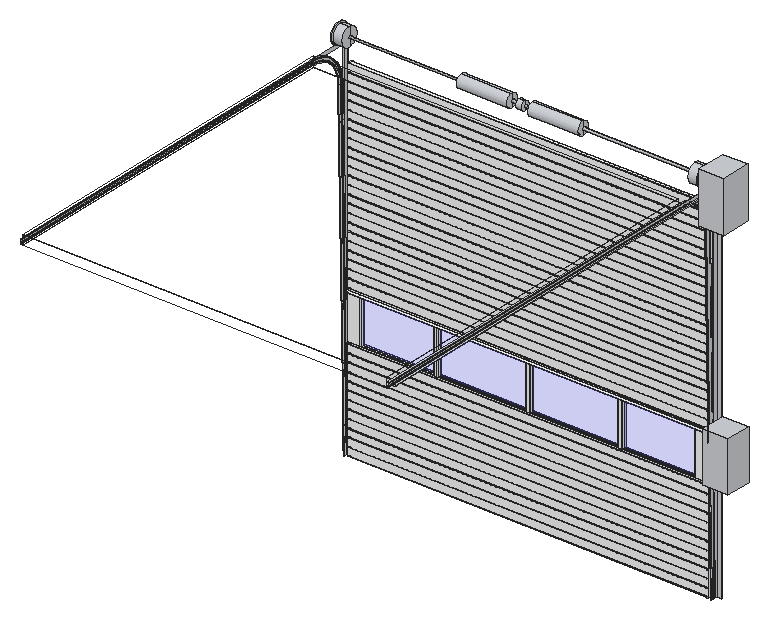
Revit family "EX3718 Complete Door - DraftA", category Doors, host Wall, Revit 2022 (continued)
Definition of nested family "Full Vision Section"
  Definition of nested family "902 Int Stile Array"
    Forms (in)
      Extrusion 3, solid, material <- "Frame Material"
        sketch origin (-88, 0, 0) x (1, 0, 0) y (0, 1, 0)
          loop
            line (-0.65625, 0) -> (-0.65625, -0.125) -> (-0.78125, -0.125) -> (-1.15625, -0.5) -> (-1.15625, -0.63751) -> (-0.65625, -0.63751) -> (-0.65625, -0.88751) -> (-1.15625, -0.88751) -> (-1.15625, -1.88751) -> (-0.65625, -1.88751) -> (-0.65625, -2.125) -> (0.65625, -2.125) -> (0.65625, -1.88751) -> (1.15625, -1.88751) -> (1.15625, -0.88751) -> (0.65625, -0.88751) -> (0.65625, -0.63751) -> (1.15625, -0.63751) -> (1.15625, -0.5) -> (0.78125, -0.125) -> (0.65625, -0.125) -> (0.65625, 0) -> (-0.65625, 0)
        from 0 to 22.3125 <- "Stile Height"
      Extrusion 4, solid, material <- "Frame Material"
        sketch origin (-132, 0, 0) x (1, 0, 0) y (0, 1, 0)
          loop
            line (-0.65625, 0) -> (-0.65625, -0.125) -> (-0.78125, -0.125) -> (-1.15625, -0.5) -> (-1.15625, -0.63751) -> (-0.65625, -0.63751) -> (-0.65625, -0.88751) -> (-1.15625, -0.88751) -> (-1.15625, -1.88751) -> (-0.65625, -1.88751) -> (-0.65625, -2.125) -> (0.65625, -2.125) -> (0.65625, -1.88751) -> (1.15625, -1.88751) -> (1.15625, -0.88751) -> (0.65625, -0.88751) -> (0.65625, -0.63751) -> (1.15625, -0.63751) -> (1.15625, -0.5) -> (0.78125, -0.125) -> (0.65625, -0.125) -> (0.65625, 0) -> (-0.65625, 0)
        from 0 to 22.3125 <- "Stile Height"
    Dimensions and locks (in)
      "Stile Height": level to plane 4
      locked: Extrusion 1 sketch curve to Extrusion 1 sketch curve at 1.3125
      locked: Extrusion 1 sketch curve to Extrusion 1 sketch curve at 0.5  (x2)
      locked: Extrusion 1 sketch curve to Extrusion 1 sketch curve at 2.125
      locked: Extrusion 1 sketch curve to Extrusion 1 sketch curve at 0.25
      locked: Extrusion 1 sketch curve to Extrusion 1 sketch curve at 1
      locked: Extrusion 1 sketch curve to Extrusion 1 sketch curve at 0.375  (x4)
      locked: Extrusion 1 sketch curve to Extrusion 1 sketch curve at 0.125  (x3)
      locked: Extrusion 2 sketch curve to Extrusion 2 sketch curve at 1.3125
      locked: Extrusion 2 sketch curve to Extrusion 2 sketch curve at 0.5  (x2)
      locked: Extrusion 2 sketch curve to Extrusion 2 sketch curve at 2.125
      locked: Extrusion 2 sketch curve to Extrusion 2 sketch curve at 0.25
      locked: Extrusion 2 sketch curve to Extrusion 2 sketch curve at 1
      locked: Extrusion 2 sketch curve to Extrusion 2 sketch curve at 0.375  (x4)
      locked: Extrusion 2 sketch curve to Extrusion 2 sketch curve at 0.125  (x3)
      equal spacing: group 4, group 3, group 2, group 1
      equal spacing: group 1, group 2, group 3, group 4  (x2)
      "IntStileCtrCtr": plane 5 to plane 6
      locked: Extrusion 3 sketch curve to Extrusion 3 sketch curve at 1.3125
      locked: Extrusion 3 sketch curve to Extrusion 3 sketch curve at 0.5  (x2)
      locked: Extrusion 3 sketch curve to Extrusion 3 sketch curve at 2.125
      locked: Extrusion 3 sketch curve to Extrusion 3 sketch curve at 0.25
      locked: Extrusion 3 sketch curve to Extrusion 3 sketch curve at 1
      locked: Extrusion 3 sketch curve to Extrusion 3 sketch curve at 0.375  (x4)
      locked: Extrusion 3 sketch curve to Extrusion 3 sketch curve at 0.125  (x3)
      locked: Extrusion 4 sketch curve to Extrusion 4 sketch curve at 1.3125
      locked: Extrusion 4 sketch curve to Extrusion 4 sketch curve at 0.5  (x2)
      locked: Extrusion 4 sketch curve to Extrusion 4 sketch curve at 2.125
      locked: Extrusion 4 sketch curve to Extrusion 4 sketch curve at 0.25
      locked: Extrusion 4 sketch curve to Extrusion 4 sketch curve at 1
      locked: Extrusion 4 sketch curve to Extrusion 4 sketch curve at 0.375  (x4)
      locked: Extrusion 4 sketch curve to Extrusion 4 sketch curve at 0.125  (x3)
      aligned and locked: plane 2 to level
      aligned and locked: Extrusion 1 sketch curve to Extrusion 1 sketch curve  (x8)
      aligned and locked: Extrusion 2 sketch curve to Extrusion 2 sketch curve  (x8)
      aligned and locked: plane 5 to Extrusion 1
      aligned and locked: plane 6 to Extrusion 2
      aligned and locked: Extrusion 3 sketch curve to Extrusion 3 sketch curve  (x8)
      aligned and locked: Extrusion 4 sketch curve to Extrusion 4 sketch curve  (x8)
    Automatic sketch dimensions
      Extrusion 1 sketch curve to Extrusion 1 sketch curve = 0' - 0.23749"
      Extrusion 2 sketch curve to Extrusion 2 sketch curve = 0' - 0.23749"
      Extrusion 3 sketch curve to Extrusion 3 sketch curve = 0' - 0.23749"
      Extrusion 4 sketch curve to Extrusion 4 sketch curve = 0' - 0.23749"
Definition of nested family "Track - Standard Lift"
  Parameters (values of type "15" Radius")
    WallToRadiusCenter = Door Thickness + 0' 1" + Vertical Track Length * 0' 0 1/4" / 1' 0" + Track Radius  # 1' - 9.33333"
    VerticalAngleLength = Door Height + 0' 10"  # 14' - 10"
    Vertical Track Length = Door Height - 0' 8"  # 13' - 4"
    TrackToTrack = CenterToLHTrack * 2  # 14' - 6"
    Roof Pitch = 0
    Operator - Trolley = no
    Operator - Jack Shaft Right = no
    Operator - Jack Shaft Left = yes
    HorizontalAngleLength = -(Horizontal Track Length + Track Radius + Vertical Track Length * 0.25 / 12 + 0' 2" - 0' 1" * Roof Pitch)  # -16' - 2.33333"
    Horizontal Track Length = Door Height + 1' 9" - Track Radius  # 14' - 6"
    FloorToTrolleyRail = FloorToShaftCL + 0' 6" - 0' 0 77/256" * Roof Pitch  # 15' - 8"
    FloorToShaftCL = Door Height + Track Radius - 0' 1"  # 15' - 2"
    FloorToJackShaft = Door Height + 1' 10"  # 15' - 10"
    Double Torsion Shaft = no
    Door Width = 14' - 4"
    Door Thickness = 0' - 2"
    Door Height = 14' - 0"
    Default Elevation = 0' - 0"
    Control Box Right = no
    Control Box Left = yes
    CenterToLHTrack = Door Width / 2 + 0' 1" + Roof Pitch * 0' 0"  # 7' - 3"
    Track Radius = if([12" Radius Track], 1' 0", 1' 3")  # 1' - 3"
    HorizontalTrackAngle = 90.00°
    CenterToRHTrack = -CenterToLHTrack  # -7' - 3"
    CenterToJackShaft = Door Width / 2 + 0' 5"  # 7' - 7"
    15" Radius Track = yes
    12" Radius Track = not([15" Radius Track])  # no
  Types (2): name | WallToRadiusCenter | Horizontal Track Length | FloorToTrolleyRail | FloorToShaftCL | Control Box Right | Control Box Left | Track Radius | 15" Radius Track | 12" Radius Track
    15" Radius | 1' - 9.33333" | 14' - 6" | 15' - 8" | 15' - 2" | no | yes | 1' - 3" | yes | no
    12" Radius | 1' - 6.33333" | 14' - 9" | 15' - 5" | 14' - 11" | yes | no | 1' - 0" | no | yes
  Reference planes (in)
    plane 1: y = 0
    plane 2 "Center (Left/Right)": x = 0
    plane 3 "Wall Edge": y = 3
    plane 4: y = 24.33333
    plane 5: z = 160
    plane 6: x = 87
    plane 7: x = -87
  Forms (in)
    Sweep 1, solid
      path in 3D
        loop
          line (0, 198.33333, 175) -> (0, 24.33333, 175)
          arc (0, 24.33333, 175) -> (0, 13.83778, 170.71649) -> (0, 9.33659, 160.31243) r 15
          line (0, 9.33659, 160.31243) -> (0, 5.99672, 0)
      profile "Track Profile : Track Profile" origin (0, 7.66665, 80.15622) x (0, 0.999783, -0.020829) y (1, 0, 0)
        loop
          line (-2.03223, 87) -> (-1.97364, 87) -> (-1.97364, 87.826)
          arc (-1.97364, 87.826) -> (-1.9457, 87.89346) -> (-1.87823, 87.92141) r 0.09541
          line (-1.87823, 87.92141) -> (-0.65812, 87.92141)
          arc (-0.65812, 87.92141) -> (-0.63212, 87.9187) -> (-0.60723, 87.91071) r 0.12641
          line (-0.60723, 87.91071) -> (-0.20802, 87.73513)
          arc (-0.20802, 87.73513) -> (-0.05845, 87.52266) -> (-0.17676, 87.29133) r 0.25141
          line (-0.17676, 87.29133) -> (-0.46311, 87.1138) -> (-0.43223, 87.064) -> (-0.14589, 87.24153)
          arc (-0.14589, 87.24153) -> (0, 87.52678) -> (-0.18443, 87.78877) r 0.31
          line (-0.18443, 87.78877) -> (-0.58364, 87.96434)
          arc (-0.58364, 87.96434) -> (-0.62007, 87.97604) -> (-0.65812, 87.98) r 0.185
          line (-0.65812, 87.98) -> (-1.87823, 87.98)
          arc (-1.87823, 87.98) -> (-1.98713, 87.93489) -> (-2.03223, 87.826) r 0.154
          line (-2.03223, 87.826) -> (-2.03223, 87)
    Sweep 2, solid
      path in 3D
        loop
          line (0, 198.33333, 175) -> (0, 24.33333, 175)
          arc (0, 24.33333, 175) -> (0, 13.83778, 170.71649) -> (0, 9.33659, 160.31243) r 15
          line (0, 9.33659, 160.31243) -> (0, 5.99672, 0)
      profile "Track Profile : Track Profile" origin (0, 7.66665, 80.15622) x (0, 0.999783, -0.020829) y (1, 0, 0)
        loop
          line (-2.03223, -87) -> (-2.03223, -87.826)
          arc (-2.03223, -87.826) -> (-1.98713, -87.93489) -> (-1.87823, -87.98) r 0.154
          line (-1.87823, -87.98) -> (-0.65812, -87.98)
          arc (-0.65812, -87.98) -> (-0.62007, -87.97604) -> (-0.58364, -87.96434) r 0.185
          line (-0.58364, -87.96434) -> (-0.18443, -87.78877)
          arc (-0.18443, -87.78877) -> (0, -87.52678) -> (-0.14589, -87.24153) r 0.31
          line (-0.14589, -87.24153) -> (-0.43223, -87.064) -> (-0.46311, -87.1138) -> (-0.17676, -87.29133)
          arc (-0.17676, -87.29133) -> (-0.05845, -87.52266) -> (-0.20802, -87.73513) r 0.25141
          line (-0.20802, -87.73513) -> (-0.60723, -87.91071)
          arc (-0.60723, -87.91071) -> (-0.63212, -87.9187) -> (-0.65812, -87.92141) r 0.12641
          line (-0.65812, -87.92141) -> (-1.87823, -87.92141)
          arc (-1.87823, -87.92141) -> (-1.9457, -87.89346) -> (-1.97364, -87.826) r 0.09541
          line (-1.97364, -87.826) -> (-1.97364, -87) -> (-2.03223, -87)
    Extrusion 3, solid
      sketch origin (87, 9, 148.94743) x (0, 0, 1) y (0, 1, 0)
        loop
          line (25.05257, 189.33333) -> (25.05257, 15.33333) -> (30.05257, 15.33333) -> (30.05257, 189.33333) -> (25.05257, 189.33333)
      from 0 to 174 <- "TrackToTrack"
    Extrusion 4, solid
      sketch origin (0, 198.33333, 175) x (0, 0, 1) y (1, 0, 0)
        loop
          line (1.87823, 87.98) -> (1.87823, 88.06107) -> (0.47823, 88.06107) -> (0.47823, 89.48) -> (0.37823, 89.48) -> (0.37823, 87.98) -> (1.87823, 87.98)
      from -2 to -194.33333 <- "HorizontalAngleLength"
    Extrusion 5, solid
      sketch origin (0, 198.33333, 175) x (0, 0, 1) y (1, 0, 0)
        loop
          line (1.87823, -87.98) -> (0.37823, -87.98) -> (0.37823, -89.48) -> (0.47823, -89.48) -> (0.47823, -88.08) -> (1.87823, -88.08) -> (1.87823, -87.98)
      from -2 to -194.33333 <- "HorizontalAngleLength"
    Extrusion 6, solid
      sketch origin (0, 0, 0) x (1, 0, 0) y (0, 1, 0)
        loop
          line (-87.98, 4.63) -> (-88.08, 4.63) -> (-88.08, 3.30484)
          arc (-88.08, 3.30484) -> (-88.14, 3.16) -> (-88.28484, 3.1) r 0.20484
          line (-88.28484, 3.1) -> (-90.26, 3.1) -> (-90.26, 3) -> (-88.28584, 3)
          arc (-88.28584, 3) -> (-88.06958, 3.08958) -> (-87.98, 3.30584) r 0.30584
          line (-87.98, 3.30584) -> (-87.98, 4.63)
        loop
          line (87.98, 4.63) -> (87.98, 3.30584)
          arc (87.98, 3.30584) -> (88.06958, 3.08958) -> (88.28584, 3) r 0.30584
          line (88.28584, 3) -> (90.26, 3) -> (90.26, 3.1) -> (88.28484, 3.1)
          arc (88.28484, 3.1) -> (88.14, 3.16) -> (88.08, 3.30484) r 0.20484
          line (88.08, 3.30484) -> (88.08, 4.63) -> (87.98, 4.63)
      from 0 to 178 <- "VerticalAngleLength"
    Extrusion 7, solid, visible <- "Operator - Jack Shaft Left"
      sketch origin (-60, 3, 0) x (-1, 0, 0) y (0, 0, 1)
        loop
          line (-163, 190) -> (-163, 166) -> (-151, 166) -> (-151, 190) -> (-163, 190)
      from 0 to 14.50457
    Extrusion 8, solid, visible <- "Operator - Jack Shaft Right"
      sketch origin (-60, 3, 0) x (-1, 0, 0) y (0, 0, 1)
        loop
          line (31, 190) -> (31, 166) -> (43, 166) -> (43, 190) -> (31, 190)
      from 0 to 14.50457
    Extrusion 9, solid, visible <- "Operator - Jack Shaft Left"
      sketch origin (-59.08, 3, -112) x (-1, 0, 0) y (0, 0, 1)
        loop
          line (-162.08, 190) -> (-162.08, 166) -> (-150.08, 166) -> (-150.08, 190) -> (-162.08, 190)
      from 0 to 12
    Extrusion 10, solid, visible <- "Operator - Jack Shaft Right"
      sketch origin (-60, 3, -120) x (-1, 0, 0) y (0, 0, 1)
        loop
          line (31, 198) -> (31, 174) -> (43, 174) -> (43, 198) -> (31, 198)
      from 0 to 12
  Lines and regions (in)
    reference lines, not visible
      curve 1: line (0, 24.33333, 160) -> (0, 24.33333, 175)
      curve 2: line (0, 24.33333, 160) -> (0, 9.33659, 160.31243)
      curve 3: line (0, 24.33333, 175) -> (0, 198.33333, 175)
      curve 4: line (0, 9.33659, 160.31243) -> (0, 5.99672, 0)
      curve 5: arc (0, 24.33333, 175) -> (0, 13.83778, 170.71649) -> (0, 9.33659, 160.31243) r 15
    sketch lines
      curve 6: line (0, 9.33659, 160.31243) -> (0, 5.99672, 0)
      curve 7: arc (0, 24.33333, 175) -> (0, 13.83778, 170.71649) -> (0, 9.33659, 160.31243) r 15
      curve 8: line (0, 24.33333, 175) -> (0, 198.33333, 175)
      curve 9: line (0, 9.33659, 160.31243) -> (0, 5.99672, 0)
      curve 10: arc (0, 24.33333, 175) -> (0, 13.83778, 170.71649) -> (0, 9.33659, 160.31243) r 15
      curve 11: line (0, 24.33333, 175) -> (0, 198.33333, 175)
  Text (in)
    text "Placement Side" at (0, 40.15149, 123.01588), in view "Right"
    text "Placement Side" at (-70.3804, 28.46503, 0), in view "Ref. Level"
    text "Placement Side" at (0, 81.62555, 140.59947), in view "Left"
  Dimensions and locks (in)
    locked: plane 3 "Wall Edge" to host wall
    "WallToRadiusCenter": plane 3 "Wall Edge" to plane 4
    "Vertical Track Length": plane 5 to level
    "Track Radius": curve 1 to curve 1
    "Track Radius": curve 2 to curve 2
    "CenterToLHTrack": plane 6 to plane 2 "Center (Left/Right)"
    "CenterToLHTrack": plane 2 "Center (Left/Right)" to plane 7
    "Horizontal Track Length": curve 5 to curve 3
    locked: curve 3 to Extrusion 3 sketch curve at 4
    locked: Extrusion 3 sketch curve to curve 3 at 1
    locked: Extrusion 4 sketch curve to Extrusion 4 sketch curve at 1.5  (x2)
    locked: Extrusion 4 sketch curve to Extrusion 4 sketch curve at 0.1
    locked: Sweep 1 to Extrusion 4 sketch curve at 0.08107
    locked: Extrusion 5 sketch curve to Extrusion 5 sketch curve at 0.1
    locked: Extrusion 5 sketch curve to Sweep 2 at 0.1
    locked: Extrusion 5 sketch curve to Extrusion 5 sketch curve at 1.5
    locked: Extrusion 5 sketch curve to Sweep 2 at 1.5
    locked: Extrusion 6 sketch curve to Extrusion 6 sketch curve at 0.1  (x4)
    locked: Extrusion 6 sketch curve to Extrusion 6 sketch curve at 2.28  (x2)
    Extrusion 6 sketch curve to Extrusion 6 sketch curve = 0' - 1.63"
    locked: Extrusion 6 sketch curve to Extrusion 6 sketch curve at 1.63  (x2)
    locked: host wall to nested 1 at 6
    locked: Extrusion 7 sketch curve to Extrusion 7 sketch curve at 12
    locked: Extrusion 7 sketch curve to Extrusion 7 sketch curve at 24
    "FloorToJackShaft": level to Extrusion 7 sketch curve
    "CenterToJackShaft": Extrusion 7 sketch curve to curve 4
    locked: Extrusion 8 sketch curve to Extrusion 8 sketch curve at 24
    locked: Extrusion 8 sketch curve to Extrusion 8 sketch curve at 12
    "CenterToJackShaft": curve 4 to Extrusion 8 sketch curve
    "FloorToShaftCL": nested 1 to level
    locked: Extrusion 9 sketch curve to Extrusion 9 sketch curve at 12
    locked: Extrusion 9 sketch curve to Extrusion 9 sketch curve at 24
    locked: Extrusion 6 to Extrusion 9 at 54
    level to Extrusion 9 = 6' - 6"
    locked: Extrusion 10 sketch curve to Extrusion 10 sketch curve at 24
    locked: Extrusion 10 sketch curve to Extrusion 10 sketch curve at 12
    Extrusion 4 to Extrusion 7 = 1' - 2.62177"
    curve 3 to Extrusion 8 = 1' - 3"
    locked: Extrusion 8 to Extrusion 8 at 14.50457
    Extrusion 9 to Extrusion 9 = 1' - 0"
    plane 2 "Center (Left/Right)" to Extrusion 9 = 8' - 7"
    "Track Radius": radius of curve 5
    radius of Extrusion 6 sketch curve = 0' - 0.30584"
    radius of Extrusion 6 sketch curve = 0' - 0.20484"
    "HorizontalTrackAngle": angle curve 1 to plane 5
    locked: curve 2 to plane 5 (angle 1.1935°)
    locked: curve 1 to curve 3 (angle 90.00°)
    locked: curve 4 to curve 2 (angle 90.00°)
    aligned and locked: plane 5 to curve 2
    aligned and locked: curve 2 to plane 4
    aligned and locked: level to curve 4
    aligned and locked: Extrusion 3 sketch curve to curve 3
    aligned and locked: Extrusion 3 sketch curve to curve 1
    aligned and locked: Extrusion 4 sketch curve to Sweep 1
    aligned and locked: Extrusion 5 sketch curve to Sweep 2
    aligned and locked: Extrusion 4 to Extrusion 5 sketch curve
    aligned and locked: Sweep 2 to Extrusion 6 sketch curve
    aligned and locked: Extrusion 6 sketch curve to Sweep 1
    aligned and locked: Extrusion 6 sketch curve to host wall
    aligned and locked: nested 1 to curve 4
    aligned and locked: Extrusion 7 to Extrusion 8 sketch curve
    aligned and locked: Extrusion 9 to Extrusion 7
    aligned and locked: Extrusion 10 to Extrusion 8
    aligned and locked: Extrusion 9 to Extrusion 10
    aligned and locked: Extrusion 7 to Extrusion 8
  Automatic sketch dimensions
    Sweep 1 to Extrusion 4 sketch curve = 0' - 1.59541"
    Extrusion 6 sketch curve to host wall = 0' - 0"
    Extrusion 6 sketch curve to Extrusion 6 sketch curve = 0' - 0.20484"
    Extrusion 6 sketch curve to Extrusion 6 sketch curve = 0' - 0.00101"
    Extrusion 9 sketch curve to plane 6 = 1' - 4"
    level to Extrusion 9 sketch curve = 4' - 6"
    plane 7 to Extrusion 10 sketch curve = 0' - 4"
    level to Extrusion 10 sketch curve = 4' - 6"
  Nested families (in)
    nested 1: "Torsion Assembly - Standard Lift" at (0, 9, 118.84779), type "Torsion Assembly - High Lift"
      with HalfShaft2Length 8' - 5 1/2", Door Width 14' - 4", HalfShaftLength 7' - 5 1/2"
  Definition of nested family "Torsion Assembly - Standard Lift"
    Parameters
      Spring Length = if(Door Width < 6' 0", 1' 0", 2' 0")  # 2' - 0"
      HalfShaft2Length = HalfShaftLength + 1' 0"  # 7' - 3 1/2"
      Double Torsion Shaft = no
      Door Width = 12' - 0"
      HalfShaftLength = (Door Width + 0' 7") / 2  # 6' - 3 1/2"
      Default Elevation = 0' - 0"
      Assembly Code = ""
    Reference planes (in)
      plane 1 "Center (Front/Back)": y = 0
      plane 2: z = 63.15221
      plane 3 "Center (Left/Right)": x = 0
      plane 4: z = 75.15221
      plane 5: z = 63.15221
    Forms (in)
      Revolve 1, solid
        sketch origin (0, 0, 0) x (1, 0, 0) y (0, 0, 1)
          loop
            line (5, 63.65221) -> (1.38578, 63.65221) -> (1.38578, 65.15221) -> (-1.36422, 65.15221) -> (-1.36422, 63.65221) -> (-5, 63.65221) -> (-5, 66.15221) -> (-29, 66.15221) -> (-29, 63.65221) -> (-68.5, 63.65221) -> (-68.5, 67.45823) -> (-73, 67.45823) -> (-73, 67.95823) -> (-73.5, 67.95823) -> (-73.5, 63.65221) -> (-75.5, 63.65221) -> (-75.5, 63.15221) -> (-73.5, 63.15221) -> (73.5, 63.15221) -> (75.5, 63.15221) -> (75.5, 63.65221) -> (73.5, 63.65221) -> (73.5, 67.95823) -> (73, 67.95823) -> (73, 67.45823) -> (68.5, 67.45823) -> (68.5, 63.65221) -> (29, 63.65221) -> (29, 66.15221) -> (5, 66.15221) -> (5, 63.65221)
          axis (-75.5, 63.15221) -> (75.5, 63.15221)
        angle from 0 to 360
      Revolve 2, solid, visible <- "Double Torsion Shaft"
        sketch origin (0, 0, 12) x (1, 0, 0) y (0, 0, 1)
          loop
            line (5, 63.65221) -> (1.38578, 63.65221) -> (1.38578, 65.15221) -> (-1.36422, 65.15221) -> (-1.36422, 63.65221) -> (-5, 63.65221) -> (-5, 66.15221) -> (-29, 66.15221) -> (-29, 63.65221) -> (-74.5, 63.65221) -> (-74.5, 67.45823) -> (-79, 67.45823) -> (-79, 67.95823) -> (-79.5, 67.95823) -> (-79.5, 63.65221) -> (-87.5, 63.65221) -> (-87.5, 63.15221) -> (-79.5, 63.15221) -> (79.5, 63.15221) -> (87.5, 63.15221) -> (87.5, 63.65221) -> (79.5, 63.65221) -> (79.5, 67.95823) -> (79, 67.95823) -> (79, 67.45823) -> (74.5, 67.45823) -> (74.5, 63.65221) -> (29, 63.65221) -> (29, 66.15221) -> (5, 66.15221) -> (5, 63.65221)
          axis (-87.5, 63.15221) -> (87.5, 63.15221)
        angle from 0 to 360
    Dimensions and locks (in)
      locked: Revolve 1 sketch curve to Revolve 1 sketch curve at 0.5  (x4)
      locked: Revolve 1 sketch curve to Revolve 1 sketch curve at 4.80602
      locked: Revolve 1 sketch curve to Revolve 1 sketch curve at 2.75
      locked: Revolve 1 sketch curve to plane 3 "Center (Left/Right)" at 1.38578
      locked: Revolve 1 sketch curve to Revolve 1 sketch curve at 3
      locked: Revolve 1 sketch curve to Revolve 1 sketch curve at 2  (x3)
      locked: Revolve 1 sketch curve to plane 3 "Center (Left/Right)" at 5
      "Spring Length": Revolve 1 sketch curve to Revolve 1 sketch curve  (x2)
      locked: plane 3 "Center (Left/Right)" to Revolve 1 sketch curve at 5
      locked: Revolve 1 sketch curve to Revolve 1 sketch curve at 5  (x2)
      "HalfShaftLength": Revolve 1 sketch curve to plane 3 "Center (Left/Right)"
      "HalfShaftLength": plane 3 "Center (Left/Right)" to Revolve 1 sketch curve
      locked: Revolve 2 sketch curve to Revolve 2 sketch curve at 0.5  (x4)
      locked: Revolve 2 sketch curve to Revolve 2 sketch curve at 4.80602
      locked: Revolve 2 sketch curve to Revolve 2 sketch curve at 2.75
      locked: Revolve 2 sketch curve to Revolve 2 sketch curve at 3
      locked: Revolve 2 sketch curve to Revolve 2 sketch curve at 2
      "Spring Length": Revolve 2 sketch curve to Revolve 2 sketch curve  (x2)
      locked: Revolve 2 sketch curve to Revolve 2 sketch curve at 5  (x2)
      locked: Revolve 2 sketch curve to Revolve 2 sketch curve at 8  (x2)
      locked: Revolve 2 to plane 4 at 0.5
      locked: plane 4 to level at 12
      "HalfShaft2Length": plane 3 "Center (Left/Right)" to Revolve 2 sketch curve
      "HalfShaft2Length": Revolve 2 sketch curve to plane 3 "Center (Left/Right)"
      locked: plane 3 "Center (Left/Right)" to Revolve 2 sketch curve at 5
      locked: Revolve 2 sketch curve to plane 3 "Center (Left/Right)" at 5
      aligned and locked: plane 2 to level
      aligned and locked: plane 5 to level
    Automatic sketch dimensions
      Revolve 1 sketch curve to level = 0' - 0"  (x2)
      Revolve 1 sketch curve to Revolve 1 sketch curve = 0' - 0"  (x2)
      Revolve 1 sketch curve to Revolve 1 sketch curve = 0' - 11.98222"
      Revolve 1 sketch curve to Revolve 1 sketch curve = 0' - 11.01778"
      level to Revolve 1 sketch curve = 0' - 0 1/2"  (x4)
      Revolve 1 sketch curve to Revolve 1 sketch curve = 0' - 0 1/2"  (x2)
      Revolve 1 sketch curve to Revolve 1 sketch curve = 0' - 2 1/2"
      Revolve 1 sketch curve to Revolve 1 sketch curve = 0' - 3.80602"
      level to Revolve 2 sketch curve = 1' - 0 1/2"  (x2)
      Revolve 2 sketch curve to Revolve 2 sketch curve = 0' - 0"  (x2)
      Revolve 2 sketch curve to Revolve 2 sketch curve = 0' - 11.98222"
      Revolve 2 sketch curve to plane 3 "Center (Left/Right)" = 0' - 1.36422"
      Revolve 2 sketch curve to Revolve 2 sketch curve = 0' - 11.01778"
      level to Revolve 2 sketch curve = 1' - 0"
      Revolve 2 sketch curve to Revolve 2 sketch curve = 0' - 1 1/2"
      Revolve 2 sketch curve to Revolve 2 sketch curve = 0' - 0 1/2"  (x3)
      Revolve 2 sketch curve to Revolve 2 sketch curve = 0' - 2 1/2"  (x2)
      Revolve 2 sketch curve to Revolve 2 sketch curve = 0' - 3.80602"
